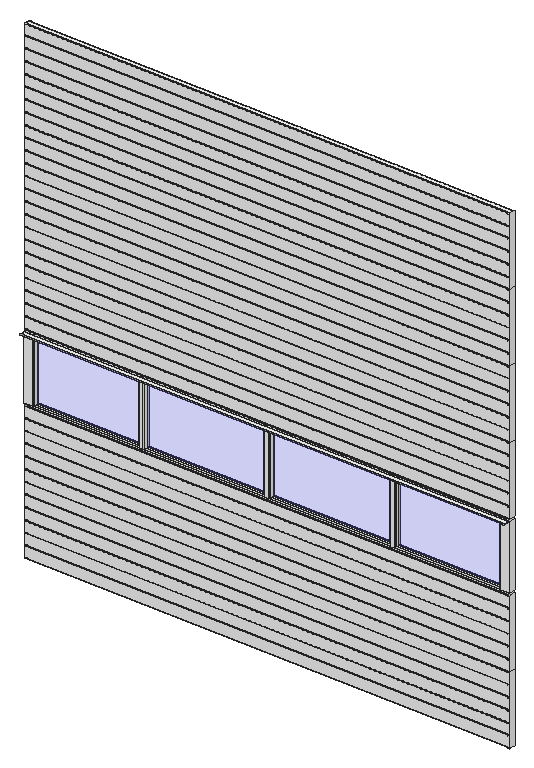
Revit family (continued)
Definition of nested family "Full Vision Section"
  Dimensions and locks (in)
    locked: Extrusion 5 sketch curve to Extrusion 5 sketch curve at 0.375
    locked: Extrusion 6 sketch curve to Extrusion 6 sketch curve at 0.09338
    locked: Extrusion 2 to Extrusion 6 sketch curve at 1.875
    "Edge to 1st Int Stile": plane 10 to plane 9
    "Edge to 1st Int Stile": plane 6 to plane 11
    "Half Door Width": plane 2 "Center (Left/Right)" to plane 9
    "Half Door Width": plane 6 to plane 2 "Center (Left/Right)"
    "Half Rail Width": plane 2 "Center (Left/Right)" to plane 8
    "Half Rail Width": plane 7 to plane 2 "Center (Left/Right)"
    locked: Extrusion 3 sketch curve to Extrusion 3 sketch curve at 0.25
    radius of Extrusion 2 sketch curve = 0' - 0.12427"
    radius of Extrusion 2 sketch curve = 0' - 0.12444"
    radius of Extrusion 1 sketch curve = 0' - 0.12517"
    radius of Extrusion 1 sketch curve = 0' - 0.12664"
    aligned and locked: Extrusion 1 sketch curve to Extrusion 1 sketch curve  (x3)
    aligned and locked: Extrusion 2 sketch curve to Extrusion 1  (x3)
    aligned and locked: Extrusion 1 to Extrusion 2 sketch curve  (x3)
    aligned and locked: Extrusion 2 sketch curve to Extrusion 2 sketch curve  (x3)
    aligned: Extrusion 3 sketch curve to Extrusion 2
    aligned: Extrusion 3 sketch curve to Extrusion 1
    aligned and locked: Extrusion 3 sketch curve to Extrusion 1
    aligned and locked: Extrusion 4 sketch curve to Extrusion 4 sketch curve  (x3)
    aligned and locked: Extrusion 4 sketch curve to Extrusion 2
    aligned and locked: Extrusion 5 sketch curve to Extrusion 5 sketch curve  (x3)
    aligned and locked: Extrusion 5 sketch curve to Extrusion 2
    aligned and locked: nested 1 to Extrusion 2  (x2)
    aligned and locked: Extrusion 4 to Extrusion 3
    aligned and locked: Extrusion 1 to Extrusion 4
    aligned and locked: Extrusion 6 sketch curve to Extrusion 4
    aligned and locked: Extrusion 6 sketch curve to Extrusion 2
    aligned and locked: plane 2 "Center (Left/Right)" to nested 1
    aligned and locked: nested 1 to plane 5
    aligned and locked: Extrusion 5 sketch curve to plane 6
    aligned and locked: Extrusion 4 sketch curve to plane 9
    aligned and locked: plane 11 to nested 2
    aligned and locked: Extrusion 4 to nested 2
    aligned and locked: nested 2 to Extrusion 1
    aligned and locked: Extrusion 3 sketch curve to Extrusion 4  (x2)
  Automatic sketch dimensions
    Extrusion 1 sketch curve to level = 0' - 0"
    Extrusion 1 sketch curve to plane 5 = 0' - 0"
    Extrusion 1 sketch curve to Extrusion 1 sketch curve = 0' - 0 3/16"
    Extrusion 2 sketch curve to plane 5 = 0' - 0.50146"
    level to Extrusion 2 sketch curve = 1' - 10 21/32"
    Extrusion 2 sketch curve to Extrusion 2 sketch curve = 0' - 0 1/2"
  Nested families (in)
    nested 1: "Int Stile for Single" at (0, -3.5, 0.84375), visible <- "SingleStileVis", type "Single"
      with Stile Height 1' - 10 5/16"
    nested 2: "902 Int Stile Array" at (0, -3.5, 0.84375), visible <- "ArrayStileVis", type "Array"
      with NumIntStiles 2
  Definition of nested family "Int Stile for Single"
    Parameters (values of type "Single")
      Stile Height = 1' - 8 5/32"
      Frame Material = none
      Assembly Code = ""
    Reference planes (in)
      plane 1 "Center (Front/Back)": y = 0
      plane 2: z = 0
      plane 3 "Center (Left/Right)": x = 0
      plane 4: z = 20.15625
    Forms (in)
      Extrusion 1, solid, material <- "Frame Material"
        sketch origin (0, 0, 0) x (1, 0, 0) y (0, 1, 0)
          loop
            line (-0.65625, 0) -> (-0.65625, -0.125) -> (-0.78125, -0.125) -> (-1.15625, -0.5) -> (-1.15625, -0.63751) -> (-0.65625, -0.63751) -> (-0.65625, -0.88751) -> (-1.15625, -0.88751) -> (-1.15625, -1.88751) -> (-0.65625, -1.88751) -> (-0.65625, -2.125) -> (0.65625, -2.125) -> (0.65625, -1.88751) -> (1.15625, -1.88751) -> (1.15625, -0.88751) -> (0.65625, -0.88751) -> (0.65625, -0.63751) -> (1.15625, -0.63751) -> (1.15625, -0.5) -> (0.78125, -0.125) -> (0.65625, -0.125) -> (0.65625, 0) -> (-0.65625, 0)
        from 0 to 20.15625 <- "Stile Height"
    Dimensions and locks (in)
      "Stile Height": level to plane 4
      locked: Extrusion 1 sketch curve to Extrusion 1 sketch curve at 1.3125
      locked: Extrusion 1 sketch curve to Extrusion 1 sketch curve at 0.5  (x2)
      locked: Extrusion 1 sketch curve to plane 3 "Center (Left/Right)" at 1.15625
      locked: Extrusion 1 sketch curve to Extrusion 1 sketch curve at 2.125
      locked: Extrusion 1 sketch curve to Extrusion 1 sketch curve at 0.25
      locked: Extrusion 1 sketch curve to Extrusion 1 sketch curve at 1
      locked: Extrusion 1 sketch curve to Extrusion 1 sketch curve at 0.375  (x4)
      locked: Extrusion 1 sketch curve to Extrusion 1 sketch curve at 0.125  (x3)
      aligned and locked: plane 2 to level
      aligned and locked: Extrusion 1 sketch curve to Extrusion 1 sketch curve  (x8)
    Automatic sketch dimensions
      plane 1 "Center (Front/Back)" to Extrusion 1 sketch curve = 0' - 0"
      Extrusion 1 sketch curve to Extrusion 1 sketch curve = 0' - 0.23749"
  Definition of nested family "902 Int Stile Array"
    Parameters (values of type "Array")
      Stile Height = 1' - 10 5/16"
      NumIntStiles = 4
      IntStileCtrCtr = 3' - 8"
      Frame Material = none
      Assembly Code = ""
    Reference planes (in)
      plane 1 "Center (Front/Back)": y = 0
      plane 2: z = 0
      plane 3 "Center (Left/Right)": x = 0
      plane 4: z = 22.3125
      plane 5: x = 1.15625
      plane 6: x = -42.84375
    Forms (in)
      Extrusion 1, solid, material <- "Frame Material"
        sketch origin (0, 0, 0) x (1, 0, 0) y (0, 1, 0)
          loop
            line (-0.65625, 0) -> (-0.65625, -0.125) -> (-0.78125, -0.125) -> (-1.15625, -0.5) -> (-1.15625, -0.63751) -> (-0.65625, -0.63751) -> (-0.65625, -0.88751) -> (-1.15625, -0.88751) -> (-1.15625, -1.88751) -> (-0.65625, -1.88751) -> (-0.65625, -2.125) -> (0.65625, -2.125) -> (0.65625, -1.88751) -> (1.15625, -1.88751) -> (1.15625, -0.88751) -> (0.65625, -0.88751) -> (0.65625, -0.63751) -> (1.15625, -0.63751) -> (1.15625, -0.5) -> (0.78125, -0.125) -> (0.65625, -0.125) -> (0.65625, 0) -> (-0.65625, 0)
        from 0 to 22.3125 <- "Stile Height"
      Extrusion 2, solid, material <- "Frame Material"
        sketch origin (-44, 0, 0) x (1, 0, 0) y (0, 1, 0)
          loop
            line (-0.65625, 0) -> (-0.65625, -0.125) -> (-0.78125, -0.125) -> (-1.15625, -0.5) -> (-1.15625, -0.63751) -> (-0.65625, -0.63751) -> (-0.65625, -0.88751) -> (-1.15625, -0.88751) -> (-1.15625, -1.88751) -> (-0.65625, -1.88751) -> (-0.65625, -2.125) -> (0.65625, -2.125) -> (0.65625, -1.88751) -> (1.15625, -1.88751) -> (1.15625, -0.88751) -> (0.65625, -0.88751) -> (0.65625, -0.63751) -> (1.15625, -0.63751) -> (1.15625, -0.5) -> (0.78125, -0.125) -> (0.65625, -0.125) -> (0.65625, 0) -> (-0.65625, 0)
        from 0 to 22.3125 <- "Stile Height"
      Extrusion 3, solid, material <- "Frame Material"
        sketch origin (-88, 0, 0) x (1, 0, 0) y (0, 1, 0)
          loop
            line (-0.65625, 0) -> (-0.65625, -0.125) -> (-0.78125, -0.125) -> (-1.15625, -0.5) -> (-1.15625, -0.63751) -> (-0.65625, -0.63751) -> (-0.65625, -0.88751) -> (-1.15625, -0.88751) -> (-1.15625, -1.88751) -> (-0.65625, -1.88751) -> (-0.65625, -2.125) -> (0.65625, -2.125) -> (0.65625, -1.88751) -> (1.15625, -1.88751) -> (1.15625, -0.88751) -> (0.65625, -0.88751) -> (0.65625, -0.63751) -> (1.15625, -0.63751) -> (1.15625, -0.5) -> (0.78125, -0.125) -> (0.65625, -0.125) -> (0.65625, 0) -> (-0.65625, 0)
        from 0 to 22.3125 <- "Stile Height"
      Extrusion 4, solid, material <- "Frame Material"
        sketch origin (-132, 0, 0) x (1, 0, 0) y (0, 1, 0)
          loop
            line (-0.65625, 0) -> (-0.65625, -0.125) -> (-0.78125, -0.125) -> (-1.15625, -0.5) -> (-1.15625, -0.63751) -> (-0.65625, -0.63751) -> (-0.65625, -0.88751) -> (-1.15625, -0.88751) -> (-1.15625, -1.88751) -> (-0.65625, -1.88751) -> (-0.65625, -2.125) -> (0.65625, -2.125) -> (0.65625, -1.88751) -> (1.15625, -1.88751) -> (1.15625, -0.88751) -> (0.65625, -0.88751) -> (0.65625, -0.63751) -> (1.15625, -0.63751) -> (1.15625, -0.5) -> (0.78125, -0.125) -> (0.65625, -0.125) -> (0.65625, 0) -> (-0.65625, 0)
        from 0 to 22.3125 <- "Stile Height"
    Dimensions and locks (in)
      "Stile Height": level to plane 4
      locked: Extrusion 1 sketch curve to Extrusion 1 sketch curve at 1.3125
      locked: Extrusion 1 sketch curve to Extrusion 1 sketch curve at 0.5  (x2)
      locked: Extrusion 1 sketch curve to Extrusion 1 sketch curve at 2.125
      locked: Extrusion 1 sketch curve to Extrusion 1 sketch curve at 0.25
      locked: Extrusion 1 sketch curve to Extrusion 1 sketch curve at 1
      locked: Extrusion 1 sketch curve to Extrusion 1 sketch curve at 0.375  (x4)
      locked: Extrusion 1 sketch curve to Extrusion 1 sketch curve at 0.125  (x3)
      locked: Extrusion 2 sketch curve to Extrusion 2 sketch curve at 1.3125
      locked: Extrusion 2 sketch curve to Extrusion 2 sketch curve at 0.5  (x2)
      locked: Extrusion 2 sketch curve to Extrusion 2 sketch curve at 2.125
      locked: Extrusion 2 sketch curve to Extrusion 2 sketch curve at 0.25
      locked: Extrusion 2 sketch curve to Extrusion 2 sketch curve at 1
      locked: Extrusion 2 sketch curve to Extrusion 2 sketch curve at 0.375  (x4)
      locked: Extrusion 2 sketch curve to Extrusion 2 sketch curve at 0.125  (x3)
      equal spacing: group 4, group 3, group 2, group 1
      equal spacing: group 1, group 2, group 3, group 4  (x2)
      "IntStileCtrCtr": plane 5 to plane 6
      locked: Extrusion 3 sketch curve to Extrusion 3 sketch curve at 1.3125
      locked: Extrusion 3 sketch curve to Extrusion 3 sketch curve at 0.5  (x2)
      locked: Extrusion 3 sketch curve to Extrusion 3 sketch curve at 2.125
      locked: Extrusion 3 sketch curve to Extrusion 3 sketch curve at 0.25
      locked: Extrusion 3 sketch curve to Extrusion 3 sketch curve at 1
      locked: Extrusion 3 sketch curve to Extrusion 3 sketch curve at 0.375  (x4)
      locked: Extrusion 3 sketch curve to Extrusion 3 sketch curve at 0.125  (x3)
      locked: Extrusion 4 sketch curve to Extrusion 4 sketch curve at 1.3125
      locked: Extrusion 4 sketch curve to Extrusion 4 sketch curve at 0.5  (x2)
      locked: Extrusion 4 sketch curve to Extrusion 4 sketch curve at 2.125
      locked: Extrusion 4 sketch curve to Extrusion 4 sketch curve at 0.25
      locked: Extrusion 4 sketch curve to Extrusion 4 sketch curve at 1
      locked: Extrusion 4 sketch curve to Extrusion 4 sketch curve at 0.375  (x4)
      locked: Extrusion 4 sketch curve to Extrusion 4 sketch curve at 0.125  (x3)
      aligned and locked: plane 2 to level
      aligned and locked: Extrusion 1 sketch curve to Extrusion 1 sketch curve  (x8)
      aligned and locked: Extrusion 2 sketch curve to Extrusion 2 sketch curve  (x8)
      aligned and locked: plane 5 to Extrusion 1
      aligned and locked: plane 6 to Extrusion 2
      aligned and locked: Extrusion 3 sketch curve to Extrusion 3 sketch curve  (x8)
      aligned and locked: Extrusion 4 sketch curve to Extrusion 4 sketch curve  (x8)
    Automatic sketch dimensions
      Extrusion 1 sketch curve to Extrusion 1 sketch curve = 0' - 0.23749"
      Extrusion 2 sketch curve to Extrusion 2 sketch curve = 0' - 0.23749"
      Extrusion 3 sketch curve to Extrusion 3 sketch curve = 0' - 0.23749"
      Extrusion 4 sketch curve to Extrusion 4 sketch curve = 0' - 0.23749"
